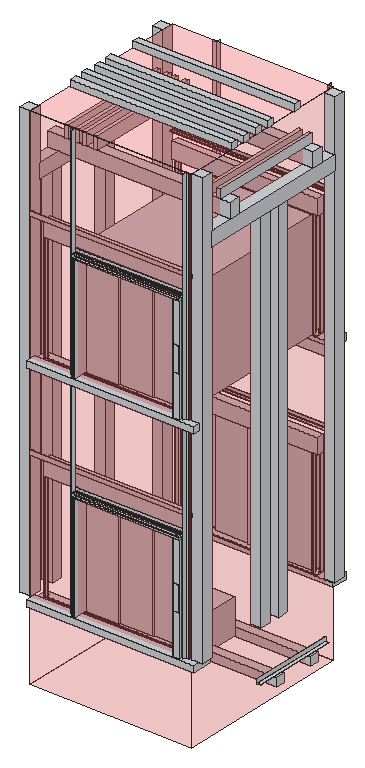
Revit family "SF2500-3S-2方向", category 一般モデル, Revit 2018
Family settings
  鉄筋をホスト可能 = いいえ
  丸型コネクタ寸法 = 直径を使用
  パーツ タイプ = 標準
  作業面ベース = いいえ
  常に垂直 = はい
  ロード時にボイドで切り取り = いいえ
  共有 = いいえ
  部屋計算ポイント = いいえ
Parameters
  昇降行程 = 5000 mm
Reference planes
  plane 1 "レール芯": y = 0
  plane 2 "最下階FL": z = 0
  plane 3 "かご芯": x = 0
  plane 4: z = 5000
  plane 5 "ピット底面": z = -1850
  plane 6: z = 10150
  plane 7: z = 2500
Forms (mm)
  Extrusion 1, solid
    sketch origin (-115, 140, 0) x (1, 0, 0) y (0, 1, 0)
      loop
        line (-2075, 1920) -> (-2075, -2240) -> (1695, -2240) -> (1695, 1920) -> (-2075, 1920)
    from -1850 to 10150
  Extrusion 2, solid
    sketch origin (-188.849, -187.656, 5000) x (1, 0, 0) y (0, 1, 0)
      loop
        line (-1106.151, 1967.656) -> (-1106.151, -1512.344) -> (1483.849, -1512.344) -> (1483.849, 1967.656) -> (-1106.151, 1967.656)
    from 0 to 2500
  Extrusion 3, solid
    sketch origin (-879.116, 124.003, 325) x (1, 0, 0) y (0, 1, 0)
      loop
        line (-1050.884, 1090.997) -> (-1050.884, 260.997) -> (829.116, 260.997) -> (829.116, 1090.997) -> (-1050.884, 1090.997)
    from -1850 to -1029.5
  Extrusion 4, solid
    sketch origin (-180.164, -13.256, 0) x (1, 0, 0) y (0, 1, 0)
      loop
        line (1760.164, 388.256) -> (1760.164, 138.256) -> (2010.164, 138.256) -> (2010.164, 388.256) -> (1760.164, 388.256)
    from 0 to 8610
  Extrusion 5, solid
    sketch origin (-180.164, -413.256, 0) x (1, 0, 0) y (0, 1, 0)
      loop
        line (1760.164, 288.256) -> (1760.164, 38.256) -> (2010.164, 38.256) -> (2010.164, 288.256) -> (1760.164, 288.256)
    from 0 to 8610
  Extrusion 6, solid
    sketch origin (593.997, -221.31, 0) x (1, 0, 0) y (0, 1, 0)
      loop
        line (-3033.997, 581.31) -> (-3033.997, 331.31) -> (-2783.997, 331.31) -> (-2783.997, 581.31) -> (-3033.997, 581.31)
    from 0 to 8610
  Extrusion 7, solid
    sketch origin (593.997, -1671.31, 0) x (1, 0, 0) y (0, 1, 0)
      loop
        line (-3033.997, 481.31) -> (-3033.997, 231.31) -> (-2783.997, 231.31) -> (-2783.997, 481.31) -> (-3033.997, 481.31)
    from 0 to 8610
  Extrusion 8, solid
    sketch origin (0, -154.792, -183.066) x (0, 1, 0) y (0, 0, 1)
      loop
        line (279.792, 10483.066) -> (279.792, 10333.066) -> (429.792, 10333.066) -> (429.792, 10483.066) -> (279.792, 10483.066)
    from -2190 to 1580
  Extrusion 9, solid
    sketch origin (0, -494.792, -183.066) x (0, 1, 0) y (0, 0, 1)
      loop
        line (279.792, 10483.066) -> (279.792, 10333.066) -> (429.792, 10333.066) -> (429.792, 10483.066) -> (279.792, 10483.066)
    from -2190 to 1580
  Extrusion 10, solid
    sketch origin (0, -859.792, -183.066) x (0, 1, 0) y (0, 0, 1)
      loop
        line (279.792, 10483.066) -> (279.792, 10333.066) -> (429.792, 10333.066) -> (429.792, 10483.066) -> (279.792, 10483.066)
    from -2190 to 1580
  Extrusion 11, solid
    sketch origin (0, 635.208, -183.066) x (0, 1, 0) y (0, 0, 1)
      loop
        line (279.792, 10483.066) -> (279.792, 10333.066) -> (429.792, 10333.066) -> (429.792, 10483.066) -> (279.792, 10483.066)
    from -2190 to 1580
  Extrusion 12, solid
    sketch origin (0, -1082.235, 116.596) x (0, 1, 0) y (0, 0, 1)
      loop
        line (-877.765, 4733.404) -> (-877.765, 4533.404) -> (-677.765, 4533.404) -> (-677.765, 4733.404) -> (-877.765, 4733.404)
    from -2190 to 1580
  Extrusion 13, solid
    sketch origin (122.648, -928.415, 0) x (-1, 0, 0) y (0, -1, 0)
      loop
        arc (-1327.352, 1181.585) -> (-1330.281, 1174.514) -> (-1337.352, 1171.585) r 10
        line (-1337.352, 1171.585) -> (-1402.352, 1171.585)
        arc (-1402.352, 1171.585) -> (-1406.094, 1168.362) -> (-1407.352, 1163.585) r 8.329
        line (-1407.352, 1163.585) -> (-1407.352, 1161.585) -> (-1317.352, 1161.585) -> (-1317.352, 1251.585) -> (-1319.352, 1251.585)
        arc (-1319.352, 1251.585) -> (-1324.129, 1250.327) -> (-1327.352, 1246.585) r 8.329
        line (-1327.352, 1246.585) -> (-1327.352, 1181.585)
    from 0 to 4850
  Extrusion 14, solid
    sketch origin (77.352, -928.415, 0) x (1, 0, 0) y (0, 1, 0)
      loop
        line (-1227.352, -1181.585) -> (-1227.352, -1246.585)
        arc (-1227.352, -1246.585) -> (-1224.129, -1250.327) -> (-1219.352, -1251.585) r 8.329
        line (-1219.352, -1251.585) -> (-1217.352, -1251.585) -> (-1217.352, -1161.585) -> (-1307.352, -1161.585) -> (-1307.352, -1163.585)
        arc (-1307.352, -1163.585) -> (-1306.094, -1168.362) -> (-1302.352, -1171.585) r 8.329
        line (-1302.352, -1171.585) -> (-1237.352, -1171.585)
        arc (-1237.352, -1171.585) -> (-1230.281, -1174.514) -> (-1227.352, -1181.585) r 10
    from 0 to 4850
  Extrusion 15, solid
    sketch origin (322.648, -928.415, 5000) x (-1, 0, 0) y (0, -1, 0)
      loop
        line (-1127.352, 1246.585) -> (-1127.352, 1181.585)
        arc (-1127.352, 1181.585) -> (-1130.281, 1174.514) -> (-1137.352, 1171.585) r 10
        line (-1137.352, 1171.585) -> (-1202.352, 1171.585)
        arc (-1202.352, 1171.585) -> (-1206.094, 1168.362) -> (-1207.352, 1163.585) r 8.329
        line (-1207.352, 1163.585) -> (-1207.352, 1161.585) -> (-1117.352, 1161.585) -> (-1117.352, 1251.585) -> (-1119.352, 1251.585)
        arc (-1119.352, 1251.585) -> (-1124.129, 1250.327) -> (-1127.352, 1246.585) r 8.329
    from 0 to 5150
  Extrusion 16, solid
    sketch origin (77.352, -928.415, 5000) x (1, 0, 0) y (0, 1, 0)
      loop
        line (-1227.352, -1181.585) -> (-1227.352, -1246.585)
        arc (-1227.352, -1246.585) -> (-1224.129, -1250.327) -> (-1219.352, -1251.585) r 8.329
        line (-1219.352, -1251.585) -> (-1217.352, -1251.585) -> (-1217.352, -1161.585) -> (-1307.352, -1161.585) -> (-1307.352, -1163.585)
        arc (-1307.352, -1163.585) -> (-1306.094, -1168.362) -> (-1302.352, -1171.585) r 8.329
        line (-1302.352, -1171.585) -> (-1237.352, -1171.585)
        arc (-1237.352, -1171.585) -> (-1230.281, -1174.514) -> (-1227.352, -1181.585) r 10
    from 0 to 5150
  Extrusion 17, solid
    sketch origin (90, -4262.272, 1335.614) x (0, 0, -1) y (0, 1, 0)
      loop
        line (-1244.386, 2172.272) -> (-1334.386, 2172.272) -> (-1334.386, 2170.272)
        arc (-1334.386, 2170.272) -> (-1333.128, 2165.496) -> (-1329.386, 2162.272) r 8.329
        line (-1329.386, 2162.272) -> (-1264.386, 2162.272)
        arc (-1264.386, 2162.272) -> (-1257.315, 2159.343) -> (-1254.386, 2152.272) r 10
        line (-1254.386, 2152.272) -> (-1254.386, 2087.272)
        arc (-1254.386, 2087.272) -> (-1251.162, 2083.53) -> (-1246.386, 2082.272) r 8.329
        line (-1246.386, 2082.272) -> (-1244.386, 2082.272) -> (-1244.386, 2172.272)
    from -1230 to 1350
  Extrusion 18, solid
    sketch origin (593.997, 1453.69, 0) x (1, 0, 0) y (0, 1, 0)
      loop
        line (-3033.997, 581.31) -> (-3033.997, 331.31) -> (-2783.997, 331.31) -> (-2783.997, 581.31) -> (-3033.997, 581.31)
    from 0 to 10150
  Extrusion 19, solid
    sketch origin (-180.164, 1646.744, 0) x (1, 0, 0) y (0, 1, 0)
      loop
        line (1760.164, 388.256) -> (1760.164, 138.256) -> (2010.164, 138.256) -> (2010.164, 388.256) -> (1760.164, 388.256)
    from 0 to 10150
  Extrusion 20, solid
    sketch origin (593.997, -2306.31, 0) x (1, 0, 0) y (0, 1, 0)
      loop
        line (-3033.997, 481.31) -> (-3033.997, 231.31) -> (-2783.997, 231.31) -> (-2783.997, 481.31) -> (-3033.997, 481.31)
    from 0 to 10150
  Extrusion 21, solid
    sketch origin (-180.164, -2113.256, 0) x (1, 0, 0) y (0, 1, 0)
      loop
        line (1760.164, 288.256) -> (1760.164, 38.256) -> (2010.164, 38.256) -> (2010.164, 288.256) -> (1760.164, 288.256)
    from 0 to 10150
  Extrusion 22, solid
    sketch origin (150, 1916.904, 19.994) x (0, 1, 0) y (0, 0, 1)
      loop
        line (-716.904, -1344.994) -> (-716.904, -1544.994) -> (-516.904, -1544.994) -> (-516.904, -1344.994) -> (-716.904, -1344.994)
    from -2490 to 1580
  Extrusion 23, solid
    sketch origin (150, 916.904, 19.994) x (0, 1, 0) y (0, 0, 1)
      loop
        line (-716.904, -1344.994) -> (-716.904, -1544.994) -> (-516.904, -1544.994) -> (-516.904, -1344.994) -> (-716.904, -1344.994)
    from -2490 to 1580
  Extrusion 24, solid
    sketch origin (0, -1199.792, -183.066) x (0, 1, 0) y (0, 0, 1)
      loop
        line (279.792, 10483.066) -> (279.792, 10333.066) -> (429.792, 10333.066) -> (429.792, 10483.066) -> (279.792, 10483.066)
    from -2190 to 1580
  Extrusion 25, solid
    sketch origin (0, 341.791, 163.079) x (0, 1, 0) y (0, 0, 1)
      loop
        line (798.209, 9126.921) -> (798.209, 8786.921) -> (1048.209, 8786.921) -> (1048.209, 9126.921) -> (798.209, 9126.921)
    from -2440 to 1830
  Extrusion 26, solid
    sketch origin (0, -2068.209, 163.079) x (0, 1, 0) y (0, 0, 1)
      loop
        line (798.209, 9126.921) -> (798.209, 8786.921) -> (1048.209, 8786.921) -> (1048.209, 9126.921) -> (798.209, 9126.921)
    from -2440 to 1830
  Extrusion 27, solid
    sketch origin (-92.007, 0, 95.444) x (1, 0, 0) y (0, 0, 1)
      loop
        line (1672.007, 8854.556) -> (1672.007, 8514.556) -> (1922.007, 8514.556) -> (1922.007, 8854.556) -> (1672.007, 8854.556)
    from -1785 to 1825
  Extrusion 28, solid
    sketch origin (-4112.007, 0, 95.444) x (1, 0, 0) y (0, 0, 1)
      loop
        line (1672.007, 8854.556) -> (1672.007, 8514.556) -> (1922.007, 8514.556) -> (1922.007, 8854.556) -> (1672.007, 8854.556)
    from -1785 to 1825
  Extrusion 29, solid
    sketch origin (0, 82.272, 1720.614) x (0, 0, -1) y (0, 1, 0)
      loop
        line (-1244.386, -2172.272) -> (-1244.386, -2082.272) -> (-1246.386, -2082.272)
        arc (-1246.386, -2082.272) -> (-1251.162, -2083.53) -> (-1254.386, -2087.272) r 8.329
        line (-1254.386, -2087.272) -> (-1254.386, -2152.272)
        arc (-1254.386, -2152.272) -> (-1257.315, -2159.343) -> (-1264.386, -2162.272) r 10
        line (-1264.386, -2162.272) -> (-1329.386, -2162.272)
        arc (-1329.386, -2162.272) -> (-1333.128, -2165.496) -> (-1334.386, -2170.272) r 8.329
        line (-1334.386, -2170.272) -> (-1334.386, -2172.272) -> (-1244.386, -2172.272)
    from -2190 to 1580
  Extrusion 30, solid
    sketch origin (90, -4262.272, 6335.614) x (0, 0, -1) y (0, 1, 0)
      loop
        line (-1244.386, 2172.272) -> (-1334.386, 2172.272) -> (-1334.386, 2170.272)
        arc (-1334.386, 2170.272) -> (-1333.128, 2165.496) -> (-1329.386, 2162.272) r 8.329
        line (-1329.386, 2162.272) -> (-1264.386, 2162.272)
        arc (-1264.386, 2162.272) -> (-1257.315, 2159.343) -> (-1254.386, 2152.272) r 10
        line (-1254.386, 2152.272) -> (-1254.386, 2087.272)
        arc (-1254.386, 2087.272) -> (-1251.162, 2083.53) -> (-1246.386, 2082.272) r 8.329
        line (-1246.386, 2082.272) -> (-1244.386, 2082.272) -> (-1244.386, 2172.272)
    from -1230 to 1350
  Extrusion 31, solid
    sketch origin (0, 82.272, 6720.614) x (0, 0, -1) y (0, 1, 0)
      loop
        line (-1244.386, -2172.272) -> (-1244.386, -2082.272) -> (-1246.386, -2082.272)
        arc (-1246.386, -2082.272) -> (-1251.162, -2083.53) -> (-1254.386, -2087.272) r 8.329
        line (-1254.386, -2087.272) -> (-1254.386, -2152.272)
        arc (-1254.386, -2152.272) -> (-1257.315, -2159.343) -> (-1264.386, -2162.272) r 10
        line (-1264.386, -2162.272) -> (-1329.386, -2162.272)
        arc (-1329.386, -2162.272) -> (-1333.128, -2165.496) -> (-1334.386, -2170.272) r 8.329
        line (-1334.386, -2170.272) -> (-1334.386, -2172.272) -> (-1244.386, -2172.272)
    from -2190 to 1580
  Extrusion 32, solid
    sketch origin (1.885, 1800, 0) x (1, 0, 0) y (0, 0, 1)
      loop
        line (-2201.885, -1232) -> (-2201.885, -1305)
        arc (-2201.885, -1305) -> (-2204.814, -1312.071) -> (-2211.885, -1315) r 10
        line (-2211.885, -1315) -> (-2284.885, -1315)
        arc (-2284.885, -1315) -> (-2289.835, -1317.05) -> (-2291.885, -1322) r 7
        line (-2291.885, -1322) -> (-2291.885, -1325) -> (-2191.885, -1325) -> (-2191.885, -1225) -> (-2194.885, -1225)
        arc (-2194.885, -1225) -> (-2199.835, -1227.05) -> (-2201.885, -1232) r 7
    from 0 to 2000
  Extrusion 33, solid
    sketch origin (-611.885, 1800, 0) x (-1, 0, 0) y (0, 0, -1)
      loop
        arc (-2201.885, 1232) -> (-2199.835, 1227.05) -> (-2194.885, 1225) r 7
        line (-2194.885, 1225) -> (-2191.885, 1225) -> (-2191.885, 1325) -> (-2291.885, 1325) -> (-2291.885, 1322)
        arc (-2291.885, 1322) -> (-2289.835, 1317.05) -> (-2284.885, 1315) r 7
        line (-2284.885, 1315) -> (-2211.885, 1315)
        arc (-2211.885, 1315) -> (-2204.814, 1312.071) -> (-2201.885, 1305) r 10
        line (-2201.885, 1305) -> (-2201.885, 1232)
    from 0 to 2000
  Extrusion 34, solid
    sketch origin (-757.393, 0, 48.404) x (1, 0, 0) y (0, 0, 1)
      loop
        line (2277.393, 9441.596) -> (2277.393, 9241.596) -> (2357.393, 9241.596) -> (2357.393, 9441.596) -> (2277.393, 9441.596)
    from -1390 to 1270
  Extrusion 35, solid
    sketch origin (-987.393, 0, 48.404) x (1, 0, 0) y (0, 0, 1)
      loop
        line (2277.393, 9441.596) -> (2277.393, 9241.596) -> (2357.393, 9241.596) -> (2357.393, 9441.596) -> (2277.393, 9441.596)
    from -1390 to 1270
  Extrusion 36, solid
    sketch origin (-231.32, 0, -14.523) x (1, 0, 0) y (0, 0, 1)
      loop
        line (-1798.68, 9604.523) -> (-1798.68, 9304.523) -> (-1708.68, 9304.523) -> (-1708.68, 9604.523) -> (-1798.68, 9604.523)
    from -1390 to 1270
  Extrusion 37, solid
    sketch origin (8.68, 0, -14.523) x (1, 0, 0) y (0, 0, 1)
      loop
        line (-1798.68, 9604.523) -> (-1798.68, 9304.523) -> (-1708.68, 9304.523) -> (-1708.68, 9604.523) -> (-1798.68, 9604.523)
    from -1390 to 1270
  Extrusion 38, solid
    sketch origin (188.68, 0, -14.523) x (1, 0, 0) y (0, 0, 1)
      loop
        line (-1798.68, 9604.523) -> (-1798.68, 9304.523) -> (-1708.68, 9304.523) -> (-1708.68, 9604.523) -> (-1798.68, 9604.523)
    from -1390 to 1270
  Extrusion 39, solid
    sketch origin (428.68, 0, -14.523) x (1, 0, 0) y (0, 0, 1)
      loop
        line (-1798.68, 9604.523) -> (-1798.68, 9304.523) -> (-1708.68, 9304.523) -> (-1708.68, 9604.523) -> (-1798.68, 9604.523)
    from -1390 to 1270
  Extrusion 40, solid
    sketch origin (122.648, 888.415, 0) x (-1, 0, 0) y (0, -1, 0)
      loop
        line (-1327.352, -1181.585) -> (-1327.352, -1246.585)
        arc (-1327.352, -1246.585) -> (-1324.129, -1250.327) -> (-1319.352, -1251.585) r 8.329
        line (-1319.352, -1251.585) -> (-1317.352, -1251.585) -> (-1317.352, -1161.585) -> (-1407.352, -1161.585) -> (-1407.352, -1163.585)
        arc (-1407.352, -1163.585) -> (-1406.094, -1168.362) -> (-1402.352, -1171.585) r 8.329
        line (-1402.352, -1171.585) -> (-1337.352, -1171.585)
        arc (-1337.352, -1171.585) -> (-1330.281, -1174.514) -> (-1327.352, -1181.585) r 10
    from 0 to 4850
  Extrusion 41, solid
    sketch origin (77.352, 888.415, 0) x (1, 0, 0) y (0, 1, 0)
      loop
        arc (-1227.352, 1181.585) -> (-1230.281, 1174.514) -> (-1237.352, 1171.585) r 10
        line (-1237.352, 1171.585) -> (-1302.352, 1171.585)
        arc (-1302.352, 1171.585) -> (-1306.094, 1168.362) -> (-1307.352, 1163.585) r 8.329
        line (-1307.352, 1163.585) -> (-1307.352, 1161.585) -> (-1217.352, 1161.585) -> (-1217.352, 1251.585) -> (-1219.352, 1251.585)
        arc (-1219.352, 1251.585) -> (-1224.129, 1250.327) -> (-1227.352, 1246.585) r 8.329
        line (-1227.352, 1246.585) -> (-1227.352, 1181.585)
    from 0 to 4850
  Extrusion 42, solid
    sketch origin (322.648, 888.415, 5000) x (-1, 0, 0) y (0, -1, 0)
      loop
        arc (-1127.352, -1246.585) -> (-1124.129, -1250.327) -> (-1119.352, -1251.585) r 8.329
        line (-1119.352, -1251.585) -> (-1117.352, -1251.585) -> (-1117.352, -1161.585) -> (-1207.352, -1161.585) -> (-1207.352, -1163.585)
        arc (-1207.352, -1163.585) -> (-1206.094, -1168.362) -> (-1202.352, -1171.585) r 8.329
        line (-1202.352, -1171.585) -> (-1137.352, -1171.585)
        arc (-1137.352, -1171.585) -> (-1130.281, -1174.514) -> (-1127.352, -1181.585) r 10
        line (-1127.352, -1181.585) -> (-1127.352, -1246.585)
    from 0 to 5150
  Extrusion 43, solid
    sketch origin (77.352, 888.415, 5000) x (1, 0, 0) y (0, 1, 0)
      loop
        arc (-1227.352, 1181.585) -> (-1230.281, 1174.514) -> (-1237.352, 1171.585) r 10
        line (-1237.352, 1171.585) -> (-1302.352, 1171.585)
        arc (-1302.352, 1171.585) -> (-1306.094, 1168.362) -> (-1307.352, 1163.585) r 8.329
        line (-1307.352, 1163.585) -> (-1307.352, 1161.585) -> (-1217.352, 1161.585) -> (-1217.352, 1251.585) -> (-1219.352, 1251.585)
        arc (-1219.352, 1251.585) -> (-1224.129, 1250.327) -> (-1227.352, 1246.585) r 8.329
        line (-1227.352, 1246.585) -> (-1227.352, 1181.585)
    from 0 to 5150
  Extrusion 44, solid
    sketch origin (90, 4222.272, 1335.614) x (0, 0, -1) y (0, 1, 0)
      loop
        line (-1244.386, -2172.272) -> (-1244.386, -2082.272) -> (-1246.386, -2082.272)
        arc (-1246.386, -2082.272) -> (-1251.162, -2083.53) -> (-1254.386, -2087.272) r 8.329
        line (-1254.386, -2087.272) -> (-1254.386, -2152.272)
        arc (-1254.386, -2152.272) -> (-1257.315, -2159.343) -> (-1264.386, -2162.272) r 10
        line (-1264.386, -2162.272) -> (-1329.386, -2162.272)
        arc (-1329.386, -2162.272) -> (-1333.128, -2165.496) -> (-1334.386, -2170.272) r 8.329
        line (-1334.386, -2170.272) -> (-1334.386, -2172.272) -> (-1244.386, -2172.272)
    from -1230 to 1350
  Extrusion 45, solid
    sketch origin (90, 4222.272, 6335.614) x (0, 0, -1) y (0, 1, 0)
      loop
        line (-1244.386, -2172.272) -> (-1244.386, -2082.272) -> (-1246.386, -2082.272)
        arc (-1246.386, -2082.272) -> (-1251.162, -2083.53) -> (-1254.386, -2087.272) r 8.329
        line (-1254.386, -2087.272) -> (-1254.386, -2152.272)
        arc (-1254.386, -2152.272) -> (-1257.315, -2159.343) -> (-1264.386, -2162.272) r 10
        line (-1264.386, -2162.272) -> (-1329.386, -2162.272)
        arc (-1329.386, -2162.272) -> (-1333.128, -2165.496) -> (-1334.386, -2170.272) r 8.329
        line (-1334.386, -2170.272) -> (-1334.386, -2172.272) -> (-1244.386, -2172.272)
    from -1230 to 1350
  Extrusion 46, solid
    sketch origin (0, 2717.765, 116.596) x (0, 1, 0) y (0, 0, 1)
      loop
        line (-877.765, 4733.404) -> (-877.765, 4489.404) -> (-702.765, 4489.404) -> (-702.765, 4733.404) -> (-877.765, 4733.404)
    from -2190 to 1580
  Extrusion 47, solid
    sketch origin (0, -122.272, 1720.614) x (0, 0, -1) y (0, 1, 0)
      loop
        line (-1244.386, 2172.272) -> (-1334.386, 2172.272) -> (-1334.386, 2170.272)
        arc (-1334.386, 2170.272) -> (-1333.128, 2165.496) -> (-1329.386, 2162.272) r 8.329
        line (-1329.386, 2162.272) -> (-1264.386, 2162.272)
        arc (-1264.386, 2162.272) -> (-1257.315, 2159.343) -> (-1254.386, 2152.272) r 10
        line (-1254.386, 2152.272) -> (-1254.386, 2087.272)
        arc (-1254.386, 2087.272) -> (-1251.162, 2083.53) -> (-1246.386, 2082.272) r 8.329
        line (-1246.386, 2082.272) -> (-1244.386, 2082.272) -> (-1244.386, 2172.272)
    from -2190 to 1580
  Extrusion 48, solid
    sketch origin (0, -122.272, 6720.614) x (0, 0, -1) y (0, 1, 0)
      loop
        line (-1244.386, 2172.272) -> (-1334.386, 2172.272) -> (-1334.386, 2170.272)
        arc (-1334.386, 2170.272) -> (-1333.128, 2165.496) -> (-1329.386, 2162.272) r 8.329
        line (-1329.386, 2162.272) -> (-1264.386, 2162.272)
        arc (-1264.386, 2162.272) -> (-1257.315, 2159.343) -> (-1254.386, 2152.272) r 10
        line (-1254.386, 2152.272) -> (-1254.386, 2087.272)
        arc (-1254.386, 2087.272) -> (-1251.162, 2083.53) -> (-1246.386, 2082.272) r 8.329
        line (-1246.386, 2082.272) -> (-1244.386, 2082.272) -> (-1244.386, 2172.272)
    from -2190 to 1580
Dimensions and locks
  "昇降行程": plane 4 to plane 2 "最下階FL"
  locked: plane 6 to plane 4 at 5150
  locked: Extrusion 2 to plane 4 at 2500
  locked: plane 4 to Extrusion 13 at 150
  locked: Extrusion 27 to plane 4 at 3610
  locked: plane 4 to Extrusion 40 at 150
  aligned and locked: level to plane 2 "最下階FL"
  aligned and locked: Extrusion 1 to plane 5 "ピット底面"
  aligned and locked: Extrusion 2 to plane 4
  aligned and locked: Extrusion 5 to plane 2 "最下階FL"
  aligned and locked: Extrusion 4 to plane 2 "最下階FL"
  aligned and locked: Extrusion 6 to Extrusion 1
  aligned and locked: Extrusion 7 to Extrusion 1
  aligned and locked: Extrusion 4 to Extrusion 1
  aligned and locked: Extrusion 5 to Extrusion 1
  aligned and locked: Extrusion 6 to plane 2 "最下階FL"
  aligned and locked: Extrusion 7 to plane 2 "最下階FL"
  aligned and locked: Extrusion 8 to Extrusion 1
  aligned and locked: Extrusion 1 to Extrusion 8  (x2)
  aligned and locked: Extrusion 1 to Extrusion 10  (x2)
  aligned and locked: Extrusion 1 to Extrusion 11  (x2)
  aligned and locked: Extrusion 10 to Extrusion 1
  aligned and locked: Extrusion 9 to Extrusion 1
  aligned and locked: Extrusion 11 to Extrusion 1
  aligned and locked: Extrusion 1 to Extrusion 12  (x2)
  aligned and locked: Extrusion 1 to Extrusion 9  (x2)
  aligned and locked: Extrusion 15 to Extrusion 16
  aligned and locked: Extrusion 16 to plane 4
  aligned and locked: Extrusion 15 to plane 4
  aligned and locked: plane 6 to Extrusion 1
  aligned and locked: plane 6 to Extrusion 15
  aligned and locked: plane 6 to Extrusion 16
  aligned and locked: Extrusion 13 to Extrusion 14
  aligned and locked: Extrusion 1 to Extrusion 19
  aligned and locked: Extrusion 1 to Extrusion 21
  aligned and locked: Extrusion 1 to Extrusion 18
  aligned and locked: Extrusion 1 to Extrusion 20
  aligned and locked: nested 2 to plane 4
  aligned and locked: Extrusion 4 to Extrusion 27
  aligned and locked: Extrusion 6 to Extrusion 27
  aligned and locked: Extrusion 5 to Extrusion 27
  aligned and locked: Extrusion 7 to Extrusion 27
  aligned and locked: Extrusion 1 to Extrusion 24  (x2)
  aligned and locked: Extrusion 42 to Extrusion 43
  aligned and locked: Extrusion 40 to Extrusion 41
  aligned and locked: nested 4 to plane 4
  aligned and locked: Extrusion 43 to plane 4
  aligned and locked: Extrusion 42 to plane 4
  aligned and locked: plane 6 to Extrusion 42
Automatic sketch dimensions
  Extrusion 1 sketch curve to plane 3 "かご芯" = 2190 mm
  plane 3 "かご芯" to Extrusion 1 sketch curve = 1580 mm
  plane 1 "レール芯" to Extrusion 1 sketch curve = 2100 mm
  Extrusion 1 sketch curve to plane 1 "レール芯" = 2060 mm
  Extrusion 2 sketch curve to plane 3 "かご芯" = 1295 mm
  plane 3 "かご芯" to Extrusion 2 sketch curve = 1295 mm
  plane 1 "レール芯" to Extrusion 2 sketch curve = 1700 mm
  Extrusion 2 sketch curve to plane 1 "レール芯" = 1780 mm
  Extrusion 3 sketch curve to plane 1 "レール芯" = 385 mm
  Extrusion 3 sketch curve to plane 3 "かご芯" = 1930 mm
  Extrusion 3 sketch curve to plane 3 "かご芯" = 50 mm
  Extrusion 3 sketch curve to Extrusion 3 sketch curve = 830 mm
  Extrusion 4 sketch curve to plane 1 "レール芯" = 125 mm
  plane 3 "かご芯" to Extrusion 4 sketch curve = 1580 mm
  Extrusion 4 sketch curve to Extrusion 4 sketch curve = 250 mm  (x2)
  plane 1 "レール芯" to Extrusion 5 sketch curve = 375 mm
  plane 3 "かご芯" to Extrusion 5 sketch curve = 1580 mm
  Extrusion 5 sketch curve to Extrusion 5 sketch curve = 250 mm
  plane 1 "レール芯" to Extrusion 5 sketch curve = 125 mm
  Extrusion 6 sketch curve to plane 1 "レール芯" = 110 mm
  Extrusion 6 sketch curve to plane 3 "かご芯" = 2440 mm
  Extrusion 6 sketch curve to Extrusion 6 sketch curve = 250 mm  (x2)
  Extrusion 7 sketch curve to plane 3 "かご芯" = 2440 mm
  Extrusion 7 sketch curve to Extrusion 7 sketch curve = 250 mm  (x2)
  plane 1 "レール芯" to Extrusion 7 sketch curve = 1440 mm
  Extrusion 8 sketch curve to plane 6 = 0 mm
  Extrusion 8 sketch curve to plane 1 "レール芯" = 125 mm
  Extrusion 8 sketch curve to Extrusion 8 sketch curve = 150 mm
  plane 6 to Extrusion 8 sketch curve = 150 mm
  Extrusion 9 sketch curve to plane 6 = 0 mm
  plane 1 "レール芯" to Extrusion 9 sketch curve = 215 mm
  plane 1 "レール芯" to Extrusion 9 sketch curve = 65 mm
  plane 6 to Extrusion 9 sketch curve = 150 mm
  Extrusion 10 sketch curve to plane 6 = 0 mm
  plane 1 "レール芯" to Extrusion 10 sketch curve = 580 mm
  Extrusion 10 sketch curve to Extrusion 10 sketch curve = 150 mm
  plane 6 to Extrusion 10 sketch curve = 150 mm
  Extrusion 11 sketch curve to plane 6 = 0 mm
  Extrusion 11 sketch curve to plane 1 "レール芯" = 915 mm
  Extrusion 11 sketch curve to Extrusion 11 sketch curve = 150 mm
  plane 6 to Extrusion 11 sketch curve = 150 mm
  Extrusion 12 sketch curve to plane 4 = 350 mm
  plane 1 "レール芯" to Extrusion 12 sketch curve = 1960 mm
  Extrusion 12 sketch curve to Extrusion 12 sketch curve = 200 mm
  Extrusion 12 sketch curve to plane 4 = 150 mm
  Extrusion 13 sketch curve to plane 3 "かご芯" = 1530 mm
  Extrusion 13 sketch curve to Extrusion 13 sketch curve = 5 mm  (x2)
  Extrusion 13 sketch curve to Extrusion 13 sketch curve = 3.321 mm
  Extrusion 13 sketch curve to Extrusion 13 sketch curve = 61.679 mm  (x2)
  Extrusion 13 sketch curve to Extrusion 13 sketch curve = 10 mm  (x2)
  Extrusion 13 sketch curve to Extrusion 13 sketch curve = 7.638 mm  (x2)
  Extrusion 13 sketch curve to Extrusion 13 sketch curve = 0.362 mm
  Extrusion 13 sketch curve to Extrusion 13 sketch curve = 2 mm
  Extrusion 13 sketch curve to plane 1 "レール芯" = 2180 mm
  Extrusion 14 sketch curve to plane 3 "かご芯" = 1230 mm
  Extrusion 14 sketch curve to Extrusion 14 sketch curve = 5 mm  (x2)
  Extrusion 14 sketch curve to Extrusion 14 sketch curve = 3.321 mm
  Extrusion 14 sketch curve to Extrusion 14 sketch curve = 61.679 mm  (x2)
  Extrusion 14 sketch curve to Extrusion 14 sketch curve = 10 mm
  Extrusion 14 sketch curve to Extrusion 14 sketch curve = 7.638 mm  (x2)
  Extrusion 14 sketch curve to Extrusion 14 sketch curve = 0.362 mm
  Extrusion 14 sketch curve to Extrusion 14 sketch curve = 2 mm
  plane 1 "レール芯" to Extrusion 14 sketch curve = 2180 mm
  Extrusion 14 sketch curve to Extrusion 14 sketch curve = 20 mm
  Extrusion 15 sketch curve to plane 3 "かご芯" = 1530 mm
  Extrusion 15 sketch curve to Extrusion 15 sketch curve = 5 mm  (x2)
  Extrusion 15 sketch curve to Extrusion 15 sketch curve = 3.321 mm
  Extrusion 15 sketch curve to Extrusion 15 sketch curve = 61.679 mm  (x2)
  Extrusion 15 sketch curve to Extrusion 15 sketch curve = 10 mm
  Extrusion 15 sketch curve to Extrusion 15 sketch curve = 7.638 mm  (x2)
  Extrusion 15 sketch curve to Extrusion 15 sketch curve = 0.362 mm
  Extrusion 15 sketch curve to Extrusion 15 sketch curve = 2 mm  (x2)
  Extrusion 15 sketch curve to plane 1 "レール芯" = 2180 mm
  Extrusion 16 sketch curve to plane 3 "かご芯" = 1230 mm
  Extrusion 16 sketch curve to Extrusion 16 sketch curve = 5 mm  (x2)
  Extrusion 16 sketch curve to Extrusion 16 sketch curve = 3.321 mm
  Extrusion 16 sketch curve to Extrusion 16 sketch curve = 61.679 mm  (x2)
  Extrusion 16 sketch curve to Extrusion 16 sketch curve = 10 mm  (x2)
  Extrusion 16 sketch curve to Extrusion 16 sketch curve = 7.638 mm  (x2)
  Extrusion 16 sketch curve to Extrusion 16 sketch curve = 0.362 mm
  Extrusion 16 sketch curve to Extrusion 16 sketch curve = 2 mm
  plane 1 "レール芯" to Extrusion 16 sketch curve = 2180 mm
  Extrusion 17 sketch curve to plane 7 = 170 mm
  Extrusion 17 sketch curve to Extrusion 17 sketch curve = 5 mm  (x2)
  Extrusion 17 sketch curve to Extrusion 17 sketch curve = 8.321 mm
  Extrusion 17 sketch curve to Extrusion 17 sketch curve = 61.679 mm  (x2)
  Extrusion 17 sketch curve to Extrusion 17 sketch curve = 10 mm
  Extrusion 17 sketch curve to Extrusion 17 sketch curve = 7.638 mm  (x2)
  Extrusion 17 sketch curve to Extrusion 17 sketch curve = 0.362 mm
  Extrusion 17 sketch curve to Extrusion 17 sketch curve = 2 mm
  plane 1 "レール芯" to Extrusion 17 sketch curve = 2180 mm
  Extrusion 17 sketch curve to Extrusion 17 sketch curve = 20 mm
  Extrusion 18 sketch curve to plane 3 "かご芯" = 2440 mm
  Extrusion 18 sketch curve to Extrusion 18 sketch curve = 250 mm  (x2)
  Extrusion 18 sketch curve to plane 1 "レール芯" = 1785 mm
  plane 3 "かご芯" to Extrusion 19 sketch curve = 1580 mm
  Extrusion 19 sketch curve to Extrusion 19 sketch curve = 250 mm  (x2)
  Extrusion 19 sketch curve to plane 1 "レール芯" = 1785 mm
  Extrusion 20 sketch curve to plane 3 "かご芯" = 2440 mm
  Extrusion 20 sketch curve to Extrusion 20 sketch curve = 250 mm  (x2)
  plane 1 "レール芯" to Extrusion 20 sketch curve = 2075 mm
  plane 3 "かご芯" to Extrusion 21 sketch curve = 1580 mm
  Extrusion 21 sketch curve to Extrusion 21 sketch curve = 250 mm  (x2)
  plane 1 "レール芯" to Extrusion 21 sketch curve = 2075 mm
  plane 5 "ピット底面" to Extrusion 22 sketch curve = 325 mm
  Extrusion 22 sketch curve to plane 1 "レール芯" = 1200 mm
  Extrusion 22 sketch curve to Extrusion 22 sketch curve = 200 mm  (x2)
  Extrusion 23 sketch curve to plane 1 "レール芯" = 200 mm
  Extrusion 23 sketch curve to Extrusion 23 sketch curve = 200 mm  (x2)
  plane 5 "ピット底面" to Extrusion 23 sketch curve = 325 mm
  Extrusion 24 sketch curve to plane 6 = 0 mm
  plane 1 "レール芯" to Extrusion 24 sketch curve = 920 mm
  Extrusion 24 sketch curve to Extrusion 24 sketch curve = 150 mm
  plane 6 to Extrusion 24 sketch curve = 150 mm
  Extrusion 25 sketch curve to plane 1 "レール芯" = 1140 mm
  Extrusion 25 sketch curve to Extrusion 25 sketch curve = 250 mm
  Extrusion 25 sketch curve to plane 6 = 1200 mm
  Extrusion 25 sketch curve to Extrusion 25 sketch curve = 340 mm
  plane 1 "レール芯" to Extrusion 26 sketch curve = 1270 mm
  Extrusion 26 sketch curve to Extrusion 26 sketch curve = 250 mm
  Extrusion 26 sketch curve to plane 6 = 1200 mm
  Extrusion 26 sketch curve to Extrusion 26 sketch curve = 340 mm
  plane 3 "かご芯" to Extrusion 27 sketch curve = 1580 mm
  Extrusion 27 sketch curve to Extrusion 27 sketch curve = 250 mm
  Extrusion 27 sketch curve to plane 6 = 1540 mm
  Extrusion 27 sketch curve to Extrusion 27 sketch curve = 340 mm
  Extrusion 28 sketch curve to plane 3 "かご芯" = 2440 mm
  Extrusion 28 sketch curve to Extrusion 28 sketch curve = 250 mm
  Extrusion 28 sketch curve to plane 6 = 1540 mm
  Extrusion 28 sketch curve to Extrusion 28 sketch curve = 340 mm
  plane 7 to Extrusion 29 sketch curve = 555 mm
  Extrusion 29 sketch curve to Extrusion 29 sketch curve = 5 mm  (x2)
  Extrusion 29 sketch curve to Extrusion 29 sketch curve = 8.321 mm
  Extrusion 29 sketch curve to Extrusion 29 sketch curve = 61.679 mm  (x2)
  Extrusion 29 sketch curve to Extrusion 29 sketch curve = 10 mm
  Extrusion 29 sketch curve to Extrusion 29 sketch curve = 7.638 mm  (x2)
  Extrusion 29 sketch curve to Extrusion 29 sketch curve = 0.362 mm
  Extrusion 29 sketch curve to Extrusion 29 sketch curve = 2 mm
  Extrusion 29 sketch curve to plane 1 "レール芯" = 2000 mm
  Extrusion 29 sketch curve to Extrusion 29 sketch curve = 20 mm
  Extrusion 30 sketch curve to plane 6 = 2480 mm
  Extrusion 30 sketch curve to Extrusion 30 sketch curve = 5 mm  (x2)
  Extrusion 30 sketch curve to Extrusion 30 sketch curve = 8.321 mm
  Extrusion 30 sketch curve to Extrusion 30 sketch curve = 61.679 mm  (x2)
  Extrusion 30 sketch curve to Extrusion 30 sketch curve = 10 mm
  Extrusion 30 sketch curve to Extrusion 30 sketch curve = 7.638 mm  (x2)
  Extrusion 30 sketch curve to Extrusion 30 sketch curve = 0.362 mm
  Extrusion 30 sketch curve to Extrusion 30 sketch curve = 2 mm
  plane 1 "レール芯" to Extrusion 30 sketch curve = 2180 mm
  Extrusion 30 sketch curve to Extrusion 30 sketch curve = 20 mm
  plane 6 to Extrusion 31 sketch curve = 2095 mm
  Extrusion 31 sketch curve to Extrusion 31 sketch curve = 5 mm  (x2)
  Extrusion 31 sketch curve to Extrusion 31 sketch curve = 8.321 mm
  Extrusion 31 sketch curve to Extrusion 31 sketch curve = 61.679 mm  (x2)
  Extrusion 31 sketch curve to Extrusion 31 sketch curve = 10 mm  (x2)
  Extrusion 31 sketch curve to Extrusion 31 sketch curve = 7.638 mm  (x2)
  Extrusion 31 sketch curve to Extrusion 31 sketch curve = 0.362 mm
  Extrusion 31 sketch curve to Extrusion 31 sketch curve = 2 mm
  Extrusion 31 sketch curve to plane 1 "レール芯" = 2000 mm
  plane 5 "ピット底面" to Extrusion 32 sketch curve = 528 mm
  Extrusion 32 sketch curve to plane 3 "かご芯" = 2290 mm
  Extrusion 32 sketch curve to Extrusion 32 sketch curve = 7 mm  (x2)
  Extrusion 32 sketch curve to Extrusion 32 sketch curve = 73 mm  (x2)
  Extrusion 32 sketch curve to Extrusion 32 sketch curve = 10 mm
  Extrusion 32 sketch curve to Extrusion 32 sketch curve = 3 mm
  Extrusion 32 sketch curve to Extrusion 32 sketch curve = 20 mm
  plane 5 "ピット底面" to Extrusion 33 sketch curve = 528 mm
  plane 3 "かご芯" to Extrusion 33 sketch curve = 1680 mm
  Extrusion 33 sketch curve to Extrusion 33 sketch curve = 7 mm  (x2)
  Extrusion 33 sketch curve to Extrusion 33 sketch curve = 73 mm  (x2)
  Extrusion 33 sketch curve to Extrusion 33 sketch curve = 10 mm
  Extrusion 33 sketch curve to Extrusion 33 sketch curve = 3 mm  (x2)
  plane 3 "かご芯" to Extrusion 34 sketch curve = 1520 mm
  Extrusion 34 sketch curve to Extrusion 34 sketch curve = 80 mm
  Extrusion 34 sketch curve to plane 6 = 860 mm
  Extrusion 34 sketch curve to Extrusion 34 sketch curve = 200 mm
  plane 3 "かご芯" to Extrusion 35 sketch curve = 1290 mm
  Extrusion 35 sketch curve to Extrusion 35 sketch curve = 80 mm
  Extrusion 35 sketch curve to plane 6 = 860 mm
  Extrusion 35 sketch curve to Extrusion 35 sketch curve = 200 mm
  Extrusion 36 sketch curve to plane 6 = 860 mm
  Extrusion 36 sketch curve to plane 3 "かご芯" = 2030 mm
  Extrusion 36 sketch curve to Extrusion 36 sketch curve = 90 mm
  Extrusion 36 sketch curve to Extrusion 36 sketch curve = 300 mm
  Extrusion 37 sketch curve to plane 6 = 860 mm
  Extrusion 37 sketch curve to plane 3 "かご芯" = 1790 mm
  Extrusion 37 sketch curve to Extrusion 37 sketch curve = 90 mm
  Extrusion 37 sketch curve to Extrusion 37 sketch curve = 300 mm
  Extrusion 38 sketch curve to plane 3 "かご芯" = 1610 mm
  Extrusion 38 sketch curve to Extrusion 38 sketch curve = 90 mm
  Extrusion 38 sketch curve to plane 6 = 860 mm
  Extrusion 38 sketch curve to Extrusion 38 sketch curve = 300 mm
  Extrusion 39 sketch curve to plane 3 "かご芯" = 1370 mm
  Extrusion 39 sketch curve to Extrusion 39 sketch curve = 90 mm
  Extrusion 39 sketch curve to plane 6 = 860 mm
  Extrusion 39 sketch curve to Extrusion 39 sketch curve = 300 mm
  plane 3 "かご芯" to Extrusion 40 sketch curve = 1530 mm
  Extrusion 40 sketch curve to Extrusion 40 sketch curve = 5 mm  (x2)
  Extrusion 40 sketch curve to Extrusion 40 sketch curve = 3.321 mm
  Extrusion 40 sketch curve to Extrusion 40 sketch curve = 61.679 mm  (x2)
  Extrusion 40 sketch curve to Extrusion 40 sketch curve = 10 mm  (x2)
  Extrusion 40 sketch curve to Extrusion 40 sketch curve = 7.638 mm  (x2)
  Extrusion 40 sketch curve to Extrusion 40 sketch curve = 0.362 mm
  Extrusion 40 sketch curve to Extrusion 40 sketch curve = 2 mm
  Extrusion 40 sketch curve to plane 1 "レール芯" = 2140 mm
  Extrusion 41 sketch curve to plane 3 "かご芯" = 1230 mm
  Extrusion 41 sketch curve to Extrusion 41 sketch curve = 5 mm
  Extrusion 41 sketch curve to Extrusion 41 sketch curve = 3.321 mm  (x2)
  Extrusion 41 sketch curve to Extrusion 41 sketch curve = 61.679 mm  (x2)
  Extrusion 41 sketch curve to Extrusion 41 sketch curve = 10 mm
  Extrusion 41 sketch curve to Extrusion 41 sketch curve = 7.638 mm
  Extrusion 41 sketch curve to Extrusion 41 sketch curve = 0.362 mm  (x2)
  Extrusion 41 sketch curve to Extrusion 41 sketch curve = 2 mm  (x2)
  Extrusion 41 sketch curve to plane 1 "レール芯" = 2050 mm
  plane 3 "かご芯" to Extrusion 42 sketch curve = 1530 mm
  Extrusion 42 sketch curve to Extrusion 42 sketch curve = 5 mm  (x2)
  Extrusion 42 sketch curve to Extrusion 42 sketch curve = 3.321 mm
  Extrusion 42 sketch curve to Extrusion 42 sketch curve = 61.679 mm  (x2)
  Extrusion 42 sketch curve to Extrusion 42 sketch curve = 10 mm
  Extrusion 42 sketch curve to Extrusion 42 sketch curve = 7.638 mm  (x2)
  Extrusion 42 sketch curve to Extrusion 42 sketch curve = 0.362 mm
  Extrusion 42 sketch curve to Extrusion 42 sketch curve = 2 mm  (x2)
  Extrusion 42 sketch curve to plane 1 "レール芯" = 2140 mm
  Extrusion 43 sketch curve to plane 3 "かご芯" = 1230 mm
  Extrusion 43 sketch curve to Extrusion 43 sketch curve = 5 mm
  Extrusion 43 sketch curve to Extrusion 43 sketch curve = 3.321 mm  (x2)
  Extrusion 43 sketch curve to Extrusion 43 sketch curve = 61.679 mm  (x2)
  Extrusion 43 sketch curve to Extrusion 43 sketch curve = 10 mm
  Extrusion 43 sketch curve to Extrusion 43 sketch curve = 7.638 mm
  Extrusion 43 sketch curve to Extrusion 43 sketch curve = 0.362 mm  (x2)
  Extrusion 43 sketch curve to Extrusion 43 sketch curve = 2 mm  (x2)
  Extrusion 43 sketch curve to plane 1 "レール芯" = 2050 mm
  Extrusion 44 sketch curve to plane 7 = 170 mm
  Extrusion 44 sketch curve to Extrusion 44 sketch curve = 5 mm
  Extrusion 44 sketch curve to Extrusion 44 sketch curve = 8.321 mm
  Extrusion 44 sketch curve to Extrusion 44 sketch curve = 61.679 mm  (x2)
  Extrusion 44 sketch curve to Extrusion 44 sketch curve = 10 mm
  Extrusion 44 sketch curve to Extrusion 44 sketch curve = 7.638 mm
  Extrusion 44 sketch curve to Extrusion 44 sketch curve = 0.362 mm  (x2)
  Extrusion 44 sketch curve to Extrusion 44 sketch curve = 2 mm  (x2)
  Extrusion 44 sketch curve to plane 1 "レール芯" = 2050 mm
  Extrusion 44 sketch curve to Extrusion 44 sketch curve = 3.321 mm
  Extrusion 45 sketch curve to plane 6 = 2480 mm
  Extrusion 45 sketch curve to Extrusion 45 sketch curve = 5 mm
  Extrusion 45 sketch curve to Extrusion 45 sketch curve = 8.321 mm
  Extrusion 45 sketch curve to Extrusion 45 sketch curve = 61.679 mm  (x2)
  Extrusion 45 sketch curve to Extrusion 45 sketch curve = 10 mm
  Extrusion 45 sketch curve to Extrusion 45 sketch curve = 7.638 mm
  Extrusion 45 sketch curve to Extrusion 45 sketch curve = 0.362 mm  (x2)
  Extrusion 45 sketch curve to Extrusion 45 sketch curve = 2 mm  (x2)
  Extrusion 45 sketch curve to plane 1 "レール芯" = 2050 mm
  Extrusion 45 sketch curve to Extrusion 45 sketch curve = 3.321 mm
  Extrusion 46 sketch curve to plane 4 = 394 mm
  Extrusion 46 sketch curve to plane 1 "レール芯" = 1840 mm
  Extrusion 46 sketch curve to Extrusion 46 sketch curve = 175 mm
  Extrusion 46 sketch curve to plane 4 = 150 mm
  Extrusion 47 sketch curve to plane 7 = 555 mm
  Extrusion 47 sketch curve to Extrusion 47 sketch curve = 5 mm  (x2)
  Extrusion 47 sketch curve to Extrusion 47 sketch curve = 8.321 mm
  Extrusion 47 sketch curve to Extrusion 47 sketch curve = 61.679 mm  (x2)
  Extrusion 47 sketch curve to Extrusion 47 sketch curve = 10 mm
  Extrusion 47 sketch curve to Extrusion 47 sketch curve = 7.638 mm  (x2)
  Extrusion 47 sketch curve to Extrusion 47 sketch curve = 0.362 mm
  Extrusion 47 sketch curve to Extrusion 47 sketch curve = 2 mm
  Extrusion 47 sketch curve to plane 1 "レール芯" = 1960 mm
  Extrusion 47 sketch curve to Extrusion 47 sketch curve = 20 mm
  Extrusion 48 sketch curve to plane 6 = 2095 mm
  Extrusion 48 sketch curve to Extrusion 48 sketch curve = 5 mm  (x2)
  Extrusion 48 sketch curve to Extrusion 48 sketch curve = 8.321 mm
  Extrusion 48 sketch curve to Extrusion 48 sketch curve = 61.679 mm  (x2)
  Extrusion 48 sketch curve to Extrusion 48 sketch curve = 10 mm  (x2)
  Extrusion 48 sketch curve to Extrusion 48 sketch curve = 7.638 mm  (x2)
  Extrusion 48 sketch curve to Extrusion 48 sketch curve = 0.362 mm
  Extrusion 48 sketch curve to Extrusion 48 sketch curve = 2 mm
  Extrusion 48 sketch curve to plane 1 "レール芯" = 1960 mm
Nested families
  nested 1: "3S" at (90, -1730, 0), type "3S"
  nested 2: "3S" at (90, -1730, 5000), type "3S"
  nested 3: "3S" at (90, 1810, 0), type "3S背面"
    with 壁外～敷居先端 350 mm
  nested 4: "3S" at (90, 1810, 5000), type "3S背面"
    with 壁外～敷居先端 350 mm
Definition of nested family "3S"
  Parameters (values of type "3S")
    戸袋 = 950 mm
    壁外～敷居先端 = 470 mm
    出入口高さ = 2500 mm
    出入口幅 = 2300 mm
  Reference planes
    plane 1 "敷居先端": y = 0
    plane 2: z = 0
    plane 3 "中心(左/右)": x = 0
    plane 4: x = -1150
    plane 5: x = 1150
    plane 6: x = -383.333
    plane 7: x = 383.333
    plane 8: x = -2100
    plane 9 "出入口高さ": z = 2500
    plane 10: y = -470
    plane 11: x = 1350
    plane 12: x = -1230
    plane 13: z = 2580
  Forms (mm)
    Extrusion 1, solid
      sketch origin (0, 60, 0) x (1, 0, 0) y (0, 1, 0)
        loop
          line (-1170, -190) -> (-1170, -220) -> (-373, -220) -> (-373, -190) -> (-1170, -190)
      from 5 to 2530
    Extrusion 2, solid
      sketch origin (0, 60, 0) x (1, 0, 0) y (0, 1, 0)
        loop
          line (-393, -155) -> (-393, -185) -> (393, -185) -> (393, -155) -> (-393, -155)
      from 5 to 2530
    Extrusion 3, solid
      sketch origin (0, 0, 0) x (1, 0, 0) y (0, 1, 0)
        loop
          line (373, -60) -> (373, -90) -> (1170, -90) -> (1170, -60) -> (373, -60)
      from 5 to 2530
    Extrusion 4, solid
      sketch origin (0, 0, 0) x (1, 0, 0) y (0, 1, 0)
        loop
          line (-1180, -450) -> (-1180, -480) -> (-1150, -480) -> (-1150, -165) -> (-1180, -165) -> (-1180, -180) -> (-1178.4, -180) -> (-1178.4, -166.6) -> (-1151.6, -166.6) -> (-1151.6, -478.4) -> (-1178.4, -478.4) -> (-1178.4, -450) -> (-1180, -450)
      from 0 to 2500
    Extrusion 5, solid
      sketch origin (0, 0, 0) x (1, 0, 0) y (0, 1, 0)
        loop
          line (1300, -435) -> (1298.4, -435) -> (1298.4, -478.4) -> (1151.6, -478.4) -> (1151.6, -96.6) -> (1181.6, -96.6) -> (1181.6, -1.6) -> (1228.4, -1.6) -> (1228.4, -10) -> (1230, -10) -> (1230, 0) -> (1180, 0) -> (1180, -95) -> (1150, -95) -> (1150, -480) -> (1300, -480) -> (1300, -435)
      from 0 to 2500
    Extrusion 6, solid
      sketch origin (0, 0, 0) x (0, 1, 0) y (0, 0, 1)
        loop
          line (-447.5, 2530) -> (-485, 2530) -> (-485, 2500) -> (-165, 2500) -> (-165, 2501.6) -> (-483.4, 2501.6) -> (-483.4, 2528.4) -> (-447.5, 2528.4) -> (-447.5, 2530)
      from -1180 to 1300
    Extrusion 7, solid
      sketch origin (0, 0, 0) x (0, 1, 0) y (0, 0, 1)
        loop
          line (-30, 0) -> (-510, 0) -> (-510, -150) -> (-30, -150) -> (-30, 0)
      from -2250 to 1650
    Extrusion 8, void
      sketch origin (0, 0, 0) x (0, 1, 0) y (0, 0, 1)
        loop
          line (-250, 0) -> (-250, -60) -> (-30, -60) -> (-30, 0) -> (-250, 0)
      from -2250 to 1650
    Extrusion 9, solid
      sketch origin (0, -20.2, 0) x (1, 0, 0) y (0, 1, 0)
        loop
          arc (-2085.5, -149.8) -> (-2091.51, -147.31) -> (-2094, -141.3) r 8.5
          line (-2094, -141.3) -> (-2094, -85)
          arc (-2094, -85) -> (-2095.172, -82.172) -> (-2098, -81) r 4
          line (-2098, -81) -> (-2100, -81) -> (-2100, -155.8) -> (-2025, -155.8) -> (-2025, -153.8)
          arc (-2025, -153.8) -> (-2026.172, -150.972) -> (-2029, -149.8) r 4
          line (-2029, -149.8) -> (-2085.5, -149.8)
      from 0 to 2500
    Extrusion 10, solid
      sketch origin (-770, -20.2, 0) x (-1, 0, 0) y (0, -1, 0)
        loop
          line (-2055.5, 149.8) -> (-1999, 149.8)
          arc (-1999, 149.8) -> (-1996.172, 150.972) -> (-1995, 153.8) r 4
          line (-1995, 153.8) -> (-1995, 155.8) -> (-2070, 155.8) -> (-2070, 88) -> (-2068, 88)
          arc (-2068, 88) -> (-2065.172, 89.172) -> (-2064, 92) r 4
          line (-2064, 92) -> (-2064, 141.3)
          arc (-2064, 141.3) -> (-2061.51, 147.31) -> (-2055.5, 149.8) r 8.5
      from 0 to 2500
    Extrusion 11, solid
      sketch origin (0, -987.83, 32.514) x (0, 1, 0) y (0, 0, 1)
        loop
          line (810.83, 2832.486) -> (810.83, 2467.486) -> (978.03, 2467.486) -> (978.03, 2832.486) -> (810.83, 2832.486)
      from -2100 to 1300
    Extrusion 12, solid
      sketch origin (100.878, 71.713, 0) x (1, 0, 0) y (0, 1, 0)
        loop
          line (-2194.878, -179.713) -> (-2194.878, -241.713) -> (-2156.878, -241.713) -> (-2156.878, -179.713) -> (-2194.878, -179.713)
      from 0 to 6
    Extrusion 13, solid
      sketch origin (3320.878, -28.287, 0) x (1, 0, 0) y (0, 1, 0)
        loop
          line (-2064.878, -79.713) -> (-2064.878, -141.713) -> (-2026.878, -141.713) -> (-2026.878, -79.713) -> (-2064.878, -79.713)
      from 0 to 6
    Extrusion 14, solid
      sketch origin (0, 0, 0) x (0, 1, 0) y (0, 0, 1)
        loop
          line (-170, -26) -> (0, -26) -> (0, 0) -> (-170, 0) -> (-170, -26)
      from -2100 to 1300
    Extrusion 15, solid
      sketch origin (120, -73, 962.5) x (1, 0, 0) y (0, 1, 0)
        loop
          line (1040, -407) -> (1040, -410) -> (1170, -410) -> (1170, -407) -> (1040, -407)
      from 0 to 590
  Cuts and joins
    Extrusion 8 cuts Extrusion 7
  Lines and regions (mm)
    reference lines
      curve 1: line (1150, -60, 0) -> (1300, -60, 0)
    symbolic lines
      curve 2: line (0, -480, 2500) -> (0, -480, 0)
      curve 3: line (0, -165, 2500) -> (0, -165, 0)
      curve 4: line (0, -480, 0) -> (0, -165, 0)
      curve 5: line (-383.333, 20, 0) -> (-383.333, -370, 0)
      curve 6: line (383.333, 60, 0) -> (383.333, -330, 0)
      curve 7: line (0, 60, 0) -> (0, -330, 0)
      curve 8: line (-1180, -165, 0) -> (-1180, -180, 0)
      curve 9: line (-1150, -165, 0) -> (-1180, -165, 0)
      curve 10: line (-1150, -480, 0) -> (-1150, -165, 0)
      curve 11: line (-1180, -480, 0) -> (-1150, -480, 0)
      curve 12: line (-1180, -450, 0) -> (-1180, -480, 0)
      curve 20: line (1230, 0, 0) -> (1230, -10, 0)
      curve 21: line (1180, 0, 0) -> (1230, 0, 0)
      curve 22: line (1180, -95, 0) -> (1180, 0, 0)
      curve 23: line (1150, -95, 0) -> (1180, -95, 0)
      curve 24: line (1150, -480, 0) -> (1150, -95, 0)
      curve 25: line (1300, -480, 0) -> (1150, -480, 0)
      curve 26: line (1300, -435, 0) -> (1300, -480, 0)
      curve 36: line (0, -485, 2500) -> (0, -165, 2500)
      curve 37: line (0, -485, 2530) -> (0, -485, 2500)
      curve 38: line (0, -447.5, 2530) -> (0, -485, 2530)
    symbolic lines, detail levels coarse+fine
      curve 13: line (-1178.4, -180, 0) -> (-1180, -180, 0)
      curve 14: line (-1178.4, -166.6, 0) -> (-1178.4, -180, 0)
      curve 15: line (-1151.6, -166.6, 0) -> (-1178.4, -166.6, 0)
      curve 16: line (-1151.6, -478.4, 0) -> (-1151.6, -166.6, 0)
      curve 17: line (-1178.4, -478.4, 0) -> (-1151.6, -478.4, 0)
      curve 18: line (-1178.4, -450, 0) -> (-1178.4, -478.4, 0)
      curve 19: line (-1180, -450, 0) -> (-1178.4, -450, 0)
      curve 27: line (1228.4, -10, 0) -> (1230, -10, 0)
      curve 28: line (1228.4, -1.6, 0) -> (1228.4, -10, 0)
      curve 29: line (1181.6, -1.6, 0) -> (1228.4, -1.6, 0)
      curve 30: line (1181.6, -96.6, 0) -> (1181.6, -1.6, 0)
      curve 31: line (1151.6, -96.6, 0) -> (1181.6, -96.6, 0)
      curve 32: line (1151.6, -478.4, 0) -> (1151.6, -96.6, 0)
      curve 33: line (1298.4, -478.4, 0) -> (1151.6, -478.4, 0)
      curve 34: line (1298.4, -435, 0) -> (1298.4, -478.4, 0)
      curve 35: line (1300, -435, 0) -> (1298.4, -435, 0)
      curve 39: line (0, -165, 2501.6) -> (0, -165, 2500)
      curve 40: line (0, -483.4, 2501.6) -> (0, -165, 2501.6)
      curve 41: line (0, -483.4, 2528.4) -> (0, -483.4, 2501.6)
      curve 42: line (0, -447.5, 2528.4) -> (0, -483.4, 2528.4)
      curve 43: line (0, -447.5, 2530) -> (0, -447.5, 2528.4)
  Dimensions and locks
    "出入口幅": plane 4 to plane 5
    equal spacing: plane 4, plane 3 "中心(左/右)", plane 5
    equal spacing: plane 4, plane 6, plane 7, plane 5
    locked: plane 6 to Extrusion 1 at 10.333
    locked: Extrusion 2 to plane 6 at 9.667
    locked: plane 7 to Extrusion 2 at 9.667
    locked: Extrusion 3 to plane 7 at 10.333
    "出入口高さ": level to plane 9 "出入口高さ"
    locked: Extrusion 3 to plane 9 "出入口高さ" at 30
    locked: plane 5 to Extrusion 6 at 150
    locked: Extrusion 6 to plane 4 at 30
    "戸袋": plane 8 to plane 4
    locked: plane 5 to Extrusion 11 at 150
    locked: Extrusion 11 to Extrusion 11 at 167.2
    locked: Extrusion 11 to plane 9 "出入口高さ" at 365
    locked: cut or joined group of Extrusion 7, Extrusion 8 to plane 1 "敷居先端" at 30
    locked: cut or joined group of Extrusion 7, Extrusion 8 to cut or joined group of Extrusion 7, Extrusion 8 at 220
    locked: cut or joined group of Extrusion 7, Extrusion 8 to plane 8 at 150
    locked: plane 5 to cut or joined group of Extrusion 7, Extrusion 8 at 500
    locked: plane 10 to Extrusion 4 at 10
    Extrusion 4 to Extrusion 4 = 315 mm
    locked: plane 1 "敷居先端" to Extrusion 4 at 165
    locked: Extrusion 4 to Extrusion 4 at 1.6
    locked: Extrusion 4 to Extrusion 4 at 15
    locked: plane 10 to Extrusion 5 at 10
    locked: Extrusion 5 to Extrusion 5 at 1.6
    locked: Extrusion 5 to Extrusion 5 at 45
    locked: plane 10 to cut or joined group of Extrusion 7, Extrusion 8 at 40
    locked: Extrusion 13 to Extrusion 10 at 38
    locked: Extrusion 14 to plane 1 "敷居先端" at 170
    locked: Extrusion 9 to Extrusion 14 at 6
    locked: Extrusion 10 to Extrusion 14 at 6
    locked: Extrusion 2 to Extrusion 3 at 5
    locked: Extrusion 1 to Extrusion 2 at 5
    locked: plane 5 to plane 11 at 200
    locked: plane 12 to plane 4 at 80
    locked: plane 5 to Extrusion 14 at 150
    locked: plane 9 "出入口高さ" to plane 13 at 80
    "壁外～敷居先端": plane 1 "敷居先端" to plane 10
    aligned and locked: level to plane 2
    aligned and locked: Extrusion 4 to plane 4
    aligned and locked: plane 5 to Extrusion 5
    aligned and locked: Extrusion 5 to plane 9 "出入口高さ"
    aligned and locked: Extrusion 4 to plane 9 "出入口高さ"
    aligned and locked: Extrusion 3 to Extrusion 2
    aligned and locked: Extrusion 3 to Extrusion 1
    aligned and locked: Extrusion 6 to Extrusion 4
    aligned and locked: Extrusion 9 to plane 8
    aligned and locked: Extrusion 11 to plane 8
    aligned and locked: plane 9 "出入口高さ" to Extrusion 11
    aligned and locked: Extrusion 9 to Extrusion 11
    aligned and locked: Extrusion 10 to plane 9 "出入口高さ"
    aligned and locked: Extrusion 8 to Extrusion 7
    aligned and locked: Extrusion 4 to Extrusion 6
    aligned and locked: Extrusion 12 to Extrusion 9
    aligned and locked: Extrusion 12 to level
    aligned and locked: Extrusion 13 to Extrusion 10  (x2)
    aligned and locked: Extrusion 14 to plane 1 "敷居先端"
    aligned and locked: Extrusion 14 to plane 8
    aligned and locked: Extrusion 14 to Extrusion 13
    aligned and locked: Extrusion 14 to Extrusion 12
    aligned and locked: cut or joined group of Extrusion 7, Extrusion 8 to cut or joined group of Extrusion 7, Extrusion 8
    aligned and locked: Extrusion 7 to Extrusion 8
    aligned and locked: curve 3 to Extrusion 4
    aligned and locked: curve 9 to Extrusion 4
    aligned and locked: curve 15 to Extrusion 4
    aligned and locked: curve 13 to Extrusion 4
    aligned and locked: curve 35 to Extrusion 5
  Automatic sketch dimensions
    plane 4 to Extrusion 1 sketch curve = 20 mm
    plane 6 to Extrusion 1 sketch curve = 10.333 mm
    Extrusion 1 sketch curve to Extrusion 1 sketch curve = 30 mm
    Extrusion 2 sketch curve to plane 6 = 9.667 mm
    plane 7 to Extrusion 2 sketch curve = 9.667 mm
    plane 1 "敷居先端" to Extrusion 2 sketch curve = 125 mm
    Extrusion 2 sketch curve to Extrusion 2 sketch curve = 30 mm
    Extrusion 3 sketch curve to plane 7 = 10.333 mm
    Extrusion 3 sketch curve to plane 5 = 20 mm
    plane 1 "敷居先端" to Extrusion 3 sketch curve = 90 mm
    Extrusion 3 sketch curve to Extrusion 3 sketch curve = 30 mm
    Extrusion 4 sketch curve to plane 4 = 0 mm
    plane 4 to Extrusion 4 sketch curve = 1.6 mm
    plane 4 to Extrusion 4 sketch curve = 28.4 mm  (x2)
    Extrusion 4 sketch curve to Extrusion 4 sketch curve = 1.6 mm  (x4)
    Extrusion 4 sketch curve to plane 10 = 10 mm
    plane 10 to Extrusion 4 sketch curve = 20 mm
    Extrusion 4 sketch curve to Extrusion 4 sketch curve = 13.4 mm
    Extrusion 5 sketch curve to plane 5 = 0 mm
    plane 1 "敷居先端" to Extrusion 5 sketch curve = 0 mm
    Extrusion 5 sketch curve to plane 5 = 1.6 mm
    Extrusion 5 sketch curve to plane 5 = 30 mm
    Extrusion 5 sketch curve to Extrusion 5 sketch curve = 1.6 mm  (x5)
    plane 1 "敷居先端" to Extrusion 5 sketch curve = 10 mm
    Extrusion 5 sketch curve to Extrusion 5 sketch curve = 46.8 mm
    Extrusion 5 sketch curve to plane 11 = 51.6 mm
    Extrusion 5 sketch curve to plane 10 = 8.4 mm
    plane 1 "敷居先端" to Extrusion 5 sketch curve = 96.6 mm
    plane 1 "敷居先端" to Extrusion 5 sketch curve = 1.6 mm
    plane 9 "出入口高さ" to Extrusion 6 sketch curve = 0 mm
    Extrusion 6 sketch curve to plane 10 = 15 mm
    Extrusion 6 sketch curve to Extrusion 6 sketch curve = 1.6 mm  (x2)
    plane 10 to Extrusion 6 sketch curve = 22.5 mm
    Extrusion 6 sketch curve to plane 9 "出入口高さ" = 1.6 mm
    Extrusion 6 sketch curve to Extrusion 6 sketch curve = 26.8 mm
    Extrusion 7 sketch curve to level = 0 mm
    Extrusion 7 sketch curve to plane 10 = 40 mm
    plane 1 "敷居先端" to Extrusion 7 sketch curve = 30 mm
    Extrusion 7 sketch curve to Extrusion 7 sketch curve = 150 mm
    Extrusion 8 sketch curve to level = 0 mm
    plane 1 "敷居先端" to Extrusion 8 sketch curve = 30 mm
    Extrusion 8 sketch curve to level = 60 mm
    Extrusion 9 sketch curve to plane 8 = 0 mm
    plane 8 to Extrusion 9 sketch curve = 2 mm
    plane 8 to Extrusion 9 sketch curve = 6 mm
    Extrusion 9 sketch curve to Extrusion 9 sketch curve = 8.5 mm
    Extrusion 9 sketch curve to Extrusion 9 sketch curve = 56.5 mm
    Extrusion 9 sketch curve to Extrusion 9 sketch curve = 4 mm
    Extrusion 9 sketch curve to Extrusion 9 sketch curve = 2 mm
    Extrusion 9 sketch curve to Extrusion 9 sketch curve = 56.3 mm
    plane 11 to Extrusion 10 sketch curve = 50 mm
    Extrusion 10 sketch curve to Extrusion 10 sketch curve = 2 mm  (x2)
    Extrusion 10 sketch curve to Extrusion 10 sketch curve = 6 mm
    Extrusion 10 sketch curve to Extrusion 10 sketch curve = 8.5 mm
    Extrusion 10 sketch curve to Extrusion 10 sketch curve = 56.5 mm
    Extrusion 10 sketch curve to Extrusion 10 sketch curve = 4 mm
    Extrusion 10 sketch curve to Extrusion 10 sketch curve = 49.3 mm
    plane 9 "出入口高さ" to Extrusion 11 sketch curve = 0 mm
    plane 1 "敷居先端" to Extrusion 11 sketch curve = 9.8 mm
    Extrusion 11 sketch curve to Extrusion 11 sketch curve = 365 mm
    plane 8 to Extrusion 12 sketch curve = 6 mm
    Extrusion 12 sketch curve to Extrusion 12 sketch curve = 38 mm
    Extrusion 12 sketch curve to Extrusion 12 sketch curve = 62 mm
    Extrusion 13 sketch curve to plane 11 = 94 mm
    Extrusion 13 sketch curve to Extrusion 13 sketch curve = 38 mm
    Extrusion 13 sketch curve to Extrusion 13 sketch curve = 62 mm
    Extrusion 14 sketch curve to level = 0 mm
    Extrusion 14 sketch curve to plane 1 "敷居先端" = 0 mm
    Extrusion 14 sketch curve to level = 26 mm
    Extrusion 15 sketch curve to plane 5 = 10 mm
    Extrusion 15 sketch curve to plane 10 = 13 mm
    Extrusion 15 sketch curve to plane 11 = 60 mm
    Extrusion 15 sketch curve to Extrusion 15 sketch curve = 3 mm
    curve 10 to plane 4 = 0 mm
    curve 5 to plane 6 = 0 mm
    curve 7 to plane 3 "中心(左/右)" = 0 mm
    curve 6 to plane 7 = 0 mm
    curve 25 to plane 5 = 0 mm
    plane 1 "敷居先端" to curve 21 = 0 mm
    plane 4 to curve 17 = 1.6 mm
    plane 4 to curve 14 = 28.4 mm
